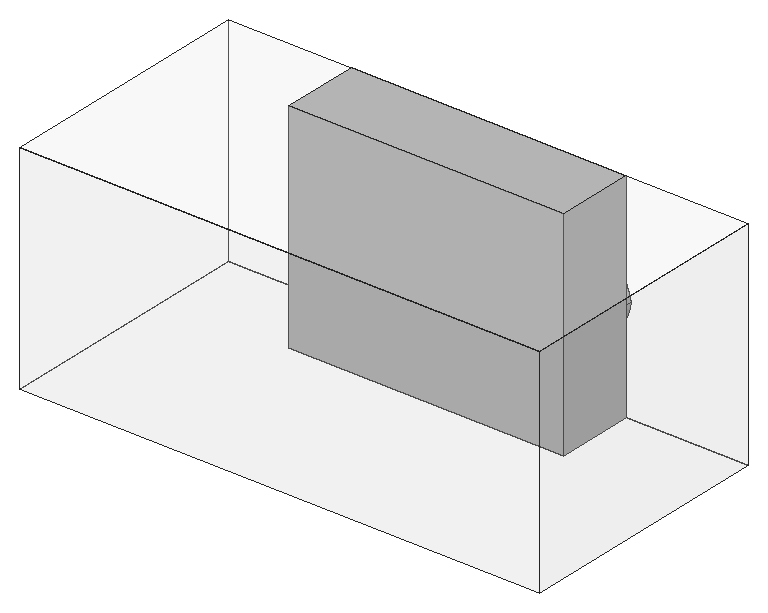
Revit family "scf-40_50lx_ls2_50Hz", category 機械設備, Revit 2019
Family settings
  丸型コネクタ寸法 = 直径を使用
  パーツ タイプ = 標準
  OmniClass 番号 = 23.75.10.34.21
  OmniClass タイトル = Heat Exchangers for Ventilation Air
  作業面ベース = いいえ
  常に垂直 = はい
  ロード時にボイドで切り取り = いいえ
  共有 = いいえ
  部屋計算ポイント = はい
Parameters (values of type "SCF-40LS2")
  騒音レベル(dB(A)) = 39.5
  風量 = 400.0 m³/h
  面風速 = 3.54 m/s
  電源種別 [instance] = "一般"
  電圧 = 100 V
  電動機出力 = 0 W
  集中コントローラ = ""
  運転質量 = 0.00 kg
  連動 [instance] = ""
  質量 = if(製品質量 > 運転質量, 製品質量, 運転質量) * 1.2  # 32.40 kg
  負荷分類 = 3_ファン類
  説明 = "学校用ロスナイ 床置形 スタンダードタイプ"
  設計風量 = 0.0 m³/h
  設置方法 = "床置形"
  記号 [instance] = ""
  製造元 = "三菱電機株式会社"
  製品質量 = 27.00 kg
  製品出荷対象 = "国内"
  製品リリース年月 = "2007/7/1"
  製品グループ = ""
  系統 [instance] = ""
  符号 = "HEU"
  積算_科目 = "1 空気調和設備"
  積算_拾い区分 [instance] = ""
  相 = 1
  盤記号 [instance] = ""
  発停方法 [instance] = "別売リモコン"
  特殊仕様 [instance] = ""
  火災停止 [instance] = ""
  温度交換効率 = 60.00%
  消費電力 = 129 W
  法定耐用年数 = "15"
  機外静圧_排気 = 40.0 Pa
  機外静圧 = 40.0 Pa
  極数 = 2
  材質 [instance] = ""
  本体マテリアル = none
  操作・制御方式 = ""
  操作・制御スイッチ = ""
  排気量 = 0.0 m³/h
  形式 = "床置形"
  幹線記号 [instance] = ""
  対象室 [instance] = ""
  実風量 = 0.0 m³/h
  始動方式 [instance] = "直入"
  外気量 = 0.0 m³/h
  呼称 = "全熱交換ユニット"
  周波数 = 50 Hz
  取付金具ピッチ1 = 845 mm
  取付金具_高さ = 580 mm
  参照している仕様書等のバージョン = ""
  初期抵抗 = 0.0 Pa
  分類コード = "50052504100050"
  分類グループ = ""
  価格 = 272000
  企業コード = "108420"
  付属品_フィルター_還気 = ""
  付属品_フィルター = ""
  付属品 [instance] = ""
  仕様書バージョン = "Version1.0"
  モデル = "SCF-40LS2"
  メンテナンススペース = yes
  コメント [instance] = ""
  Keynote = ""
  エンタルピ交換効率_暖房 = 45.00%
  エンタルピ交換効率_冷房 = 40.00%
  Assembly Code = ""
  Width = 900 mm
  Version = ""
  Uniclass2015Version = "Systems v1.9"
  Uniclass2015Title = "Thermal wheels"
  Uniclass2015Code = "Pr_60_60_36_88"
  URL = "https://www.mitsubishielectric.co.jp/ldg/wink/ssl/displayProduct.do?pid=161516"
  SpecificationReference = ""
  SpecificationDescription = ""
  Duct_W = 300 mm
  SAサイズ_D = 0 mm
  Revision = ""
  RAサイズ_D = 0 mm
  ProductInformation = ""
  OmniClassCode = "23-27 23 19 11"
  OAサイズ_W = 0 mm
  OAサイズ_D = 192 mm
  MIN風量 = 200.0 m³/h
  MIN静圧 = 10.0 Pa
  MAX風量 = 400.0 m³/h
  MAX静圧 = 40.0 Pa
  IfcTypeProduct = ""
  IfcProduct = ""
  IfcExportType = "ROTARYWHEEL"
  IfcExportAs = "IfcAirToAirHeatRecoveryType"
  Height = 710 mm
  EAサイズ_W = 0 mm
  EAサイズ_D = 192 mm
  Duct_Pitch = 600 mm
  Duct_Height = 280 mm
  Duct_Depth = 85 mm
  Depth = 255 mm
  Clearance Top = 0 mm
  Clearance Left = 400 mm
  Clearance Right = 400 mm
  Clearance Front = 600 mm
  Clearance Bottom = 0 mm
  Author = "三菱電機株式会社"
Types (4, lengths in mm): name | 騒音レベル(dB(A)) | 風量 | 面風速 | 質量 | 説明 | 製品質量 | 製品リリース年月 | 温度交換効率 | 消費電力 | 機外静圧_排気 | 機外静圧 | 取付金具_高さ | 価格 | モデル | エンタルピ交換効率_暖房 | エンタルピ交換効率_冷房 | URL | Duct_W | MIN風量 | MIN静圧 | MAX風量 | MAX静圧 | Height | Depth
  SCF-40LX | 39.5 | 400.0 m³/h | 3.54 m/s | 33.60 kg | "学校用ロスナイ 床置形 フリープランタイプ" | 28.00 kg | "2019/3/1" | 60.00% | 129 W | 40.0 Pa | 40.0 Pa | 580 | 335000 | "SCF-40LX" | 45.00% | 40.00% | "https://www.mitsubishielectric.co.jp/ldg/wink/ssl/displayProduct.do?pid=297464" | 300 | 200.0 m³/h | 10.0 Pa | 400.0 m³/h | 40.0 Pa | 710 | 255
  SCF-50LX | 43 | 500.0 m³/h | 4.42 m/s | 44.40 kg | "学校用ロスナイ 床置形 フリープランタイプ" | 37.00 kg | "2019/3/1" | 61.00% | 185 W | 60.0 Pa | 60.0 Pa | 485 | 401000 | "SCF-50LX" | 48.00% | 43.00% | "https://www.mitsubishielectric.co.jp/ldg/wink/ssl/displayProduct.do?pid=297467" | 275 | 300.0 m³/h | 22.0 Pa | 500.0 m³/h | 60.0 Pa | 860 | 295
  SCF-40LS2 | 39.5 | 400.0 m³/h | 3.54 m/s | 32.40 kg | "学校用ロスナイ 床置形 スタンダードタイプ" | 27.00 kg | "2007/7/1" | 60.00% | 129 W | 40.0 Pa | 40.0 Pa | 580 | 272000 | "SCF-40LS2" | 45.00% | 40.00% | "https://www.mitsubishielectric.co.jp/ldg/wink/ssl/displayProduct.do?pid=161516" | 300 | 200.0 m³/h | 10.0 Pa | 400.0 m³/h | 40.0 Pa | 710 | 255
  SCF-50LS2 | 43 | 500.0 m³/h | 4.42 m/s | 42.00 kg | "学校用ロスナイ 床置形 スタンダードタイプ" | 35.00 kg | "2007/7/1" | 61.00% | 185 W | 60.0 Pa | 60.0 Pa | 485 | 338000 | "SCF-50LS2" | 48.00% | 43.00% | "https://www.mitsubishielectric.co.jp/ldg/wink/ssl/displayProduct.do?pid=161517" | 275 | 300.0 m³/h | 22.0 Pa | 500.0 m³/h | 60.0 Pa | 860 | 295
Reference planes
  plane 1 "中心(正面/背面)": y = 0
  plane 2: z = 0
  plane 3 "中心(左/右)": x = 0
  plane 4: x = -450
  plane 5: x = 450
  plane 6: y = -255
  plane 7: z = 710
  plane 8: z = 280
  plane 9: x = -300
  plane 10: x = 300
  plane 11: x = -850
  plane 12: x = -422.5
  plane 13: x = 422.5
  plane 14: y = 85
  plane 15: x = 850
  plane 16: z = 710
  plane 17: y = -127.5
  plane 18: z = 580
  plane 19: x = 422.5
  plane 20: x = -422.5
  plane 21: x = -422.5
  plane 22: x = 422.5
  plane 23: y = -855
  plane 24: z = 0
Forms (mm)
  Extrusion 1, solid, material <- "本体マテリアル", detail levels fine
    sketch origin (0, 0, 0) x (1, 0, 0) y (0, 1, 0)
      loop
        line (-450, 0) -> (-450, -255) -> (450, -255) -> (450, 0) -> (-450, 0)
    from 0 to 710
  Extrusion 2, solid, material <- "本体マテリアル", detail levels fine
    sketch origin (510, -445, 0) x (-1, 0, 0) y (0, 0, -1)
      loop
        circle (210, -280) r 96
    from -445 to -530
  Extrusion 3, solid, material <- "本体マテリアル", detail levels fine
    sketch origin (-510, -445, 0) x (1, 0, 0) y (0, 0, 1)
      loop
        circle (210, 280) r 96
    from -445 to -530
Lines and regions (mm)
  Masking region 1, detail levels coarse+medium
    outline origin (1326.5, 29, 0) x (1, 0, 0) y (0, 1, 0)
      loop
        line (-1776.5, -29) -> (-1776.5, -284) -> (-876.5, -284) -> (-876.5, -29) -> (-1776.5, -29)
  symbolic lines, detail levels coarse+medium
    curve 1: line (0, 0, 0) -> (-450, -127.5, 0)
    curve 2: line (-450, -127.5, 0) -> (0, -255, 0)
    curve 3: line (0, -255, 0) -> (450, -127.5, 0)
    curve 4: line (450, -127.5, 0) -> (0, 0, 0)
Dimensions and locks
  equal spacing: plane 4, plane 3 "中心(左/右)", plane 5
  "Width": plane 4 to plane 5
  "Duct_Pitch": plane 10 to plane 9
  "Clearance Left": plane 11 to plane 4
  "Clearance Right": plane 5 to plane 15
  "Duct_W": plane 10 to plane 3 "中心(左/右)"
  "Duct_Height": plane 8 to level
  "Height": plane 7 to level
  "Depth": plane 1 "中心(正面/背面)" to plane 6
  equal spacing: plane 1 "中心(正面/背面)", plane 17, plane 6
  "Duct_Depth": plane 1 "中心(正面/背面)" to plane 14
  "取付金具_高さ": level to plane 18
  equal spacing: plane 20, plane 3 "中心(左/右)", plane 19
  equal spacing: plane 21, plane 3 "中心(左/右)", plane 22
  "取付金具ピッチ1": plane 21 to plane 22
  "Clearance Front": plane 6 to plane 23
  "Clearance Top": plane 16 to plane 7
  "Clearance Bottom": level to plane 24
  "OAサイズ_D": diameter of Extrusion 2 sketch curve
  "EAサイズ_D": diameter of Extrusion 3 sketch curve
  aligned and locked: level to plane 2
  aligned and locked: Extrusion 1 to plane 7
  aligned and locked: Masking region 1 to plane 4
  aligned and locked: plane 5 to Masking region 1
  aligned and locked: Masking region 1 to plane 6
  aligned and locked: Extrusion 3 to plane 14
  aligned and locked: Extrusion 2 to Extrusion 3
  aligned and locked: Masking region 1 to plane 1 "中心(正面/背面)"
  aligned and locked: Extrusion 1 to plane 1 "中心(正面/背面)"
  aligned and locked: plane 1 "中心(正面/背面)" to Extrusion 2
  aligned and locked: plane 1 "中心(正面/背面)" to Extrusion 3
  aligned and locked: plane 15 to nested 1
  aligned and locked: plane 11 to nested 1
  aligned and locked: plane 1 "中心(正面/背面)" to nested 1
  aligned and locked: plane 9 to nested 2
  aligned and locked: plane 13 to nested 2
  aligned and locked: plane 1 "中心(正面/背面)" to nested 2
  aligned and locked: nested 2 to plane 1 "中心(正面/背面)"
  aligned and locked: nested 1 to plane 23
  aligned and locked: plane 16 to nested 1
  aligned and locked: nested 1 to plane 24
Automatic sketch dimensions
  Extrusion 1 sketch curve to plane 4 = 0 mm
  Extrusion 1 sketch curve to plane 5 = 0 mm
  Extrusion 1 sketch curve to plane 6 = 0 mm
  Extrusion 2 sketch curve to plane 8 = 0 mm
  Extrusion 2 sketch curve to plane 10 = 0 mm
  Masking region 1 sketch curve to plane 4 = 0 mm
  Masking region 1 sketch curve to plane 5 = 0 mm
  Masking region 1 sketch curve to plane 6 = 0 mm
  Extrusion 3 sketch curve to plane 8 = 0 mm
  Extrusion 3 sketch curve to plane 9 = 0 mm
  curve 1 to plane 4 = 0 mm
  curve 2 to plane 3 "中心(左/右)" = 0 mm
  plane 1 "中心(正面/背面)" to curve 4 = 0 mm
  curve 4 to plane 3 "中心(左/右)" = 0 mm
  curve 4 to plane 5 = 0 mm
  curve 2 to plane 6 = 0 mm
  curve 2 to plane 17 = 0 mm
  curve 3 to plane 17 = 0 mm
  plane 1 "中心(正面/背面)" to Extrusion 1 sketch curve = 0 mm
  plane 1 "中心(正面/背面)" to Masking region 1 sketch curve = 0 mm
Nested families
  nested 1: "メンテナンススペース" at (0, -427.5, 355), visible <- "メンテナンススペース", type "メンテナンススペース"
    with Width 1700 mm, Height 710 mm, Depth 855 mm
  nested 2: "固定点" at (-300, 0, 0), type "固定点"
    with W 722.5 mm, D 0 mm
Connectors
  hvac at (300, 85, 280), driven by "OAサイズ_D", driven by "機外静圧", driven by "風量"
    settings: on Extrusion 2, index 2, duct flow 400.0 m³/h, flow factor 0, pres drop 40.0 Pa, loss coef 0, conn angle 0.00°, conn width 304.8 mm, conn height 304.8 mm, conn diameter 192 mm, duct sys type 4, conn prof type 0, flow config 0, flow direction 1, loss method 4, conn ref index -1, conn util no, is conn primary yes, conn desc ""
  hvac at (-300, 85, 280), driven by "EAサイズ_D", driven by "風量", driven by "機外静圧"
    settings: on Extrusion 3, index 10, duct flow 400.0 m³/h, flow factor 0, pres drop 40.0 Pa, loss coef 0, conn angle 0.00°, conn width 304.8 mm, conn height 304.8 mm, conn diameter 192 mm, duct sys type 3, conn prof type 0, flow config 0, flow direction 2, loss method 4, conn ref index -1, conn util no, is conn primary no, conn desc ""
  electrical at (0, 0, 355), driven by "極数", driven by "負荷分類", driven by "電圧", driven by "消費電力"
    settings: on Extrusion 1, index 13, voltage 100 V, apparent load 129 VA, apparent load phase1 0 VA, apparent load phase2 0 VA, apparent load phase3 0 VA, power factor 1, load classification "3_ファン類", number of poles 2, system type 30, power factor state 1, is connector primary yes, connector utility no, sub classification motor no, connector description ""
Definition of nested family "メンテナンススペース"
  Parameters (values of type "メンテナンススペース")
    Width [instance] = 500 mm
    Height [instance] = 500 mm
    Depth [instance] = 500 mm
  Reference planes
    plane 1 "中心(正面/背面)": y = 0
    plane 2: z = 0
    plane 3 "中心(左/右)": x = 0
    plane 4: y = -250
    plane 5: x = 250
    plane 6: y = 250
    plane 7: x = -250
    plane 8: z = 250
    plane 9: z = -250
  Forms (mm)
    Extrusion 1, solid
      sketch origin (-638.939, 0, 72.39) x (1, 0, 0) y (0, 1, 0)
        loop
          line (388.939, 250) -> (388.939, -250) -> (888.939, -250) -> (888.939, 250) -> (388.939, 250)
      from -322.39 to 177.61
  Lines and regions (mm)
    symbolic lines
      curve 1: line (-250, 0, 250) -> (250, 0, 250)
      curve 2: line (-250, 0, -250) -> (-250, 0, 250)
      curve 3: line (250, 0, -250) -> (-250, 0, -250)
      curve 4: line (250, 0, 250) -> (250, 0, -250)
      curve 5: line (0, -250, 250) -> (0, 250, 250)
      curve 6: line (0, -250, -250) -> (0, -250, 250)
      curve 7: line (0, 250, -250) -> (0, -250, -250)
      curve 8: line (0, 250, 250) -> (0, 250, -250)
      curve 9: line (-250, 250, 0) -> (250, 250, 0)
      curve 10: line (-250, -250, 0) -> (-250, 250, 0)
      curve 11: line (250, -250, 0) -> (-250, -250, 0)
      curve 12: line (250, 250, 0) -> (250, -250, 0)
  Dimensions and locks
    equal spacing: plane 7, plane 3 "中心(左/右)", plane 5
    equal spacing: plane 4, plane 1 "中心(正面/背面)", plane 6
    "Depth": plane 4 to plane 6
    "Width": plane 7 to plane 5
    equal spacing: plane 8, plane 2, plane 9
    "Height": plane 8 to plane 9
    aligned and locked: plane 9 to curve 3
    aligned and locked: plane 7 to curve 2
    aligned and locked: curve 4 to plane 5
    aligned and locked: plane 5 to Extrusion 1
    aligned and locked: Extrusion 1 to plane 7
    aligned and locked: Extrusion 1 to plane 9
    aligned and locked: plane 8 to Extrusion 1
    aligned and locked: plane 9 to curve 7
  Automatic sketch dimensions
    plane 4 to Extrusion 1 sketch curve = 0 mm
    Extrusion 1 sketch curve to plane 7 = 0 mm
    Extrusion 1 sketch curve to plane 5 = 0 mm
    plane 6 to Extrusion 1 sketch curve = 0 mm
    curve 2 to plane 8 = 0 mm
    plane 4 to curve 11 = 0 mm
    curve 11 to plane 7 = 0 mm
    curve 11 to plane 5 = 0 mm
    plane 6 to curve 10 = 0 mm
    curve 7 to plane 4 = 0 mm
    curve 7 to plane 6 = 0 mm
    curve 6 to plane 8 = 0 mm
Definition of nested family "固定点"
  Parameters (values of type "固定点")
    中心円 = 20 mm
    W [instance] = 1000 mm
    D [instance] = 1000 mm
  Reference planes
    plane 1 "中心(正面/背面)": y = 0
    plane 2: z = 0
    plane 3 "中心(左/右)": x = 0
    plane 4: x = 1000
    plane 5: y = 1000
  Lines and regions (mm)
    symbolic lines, detail levels fine
      curve 1: circle (0, 1000, 0) r 10 normal (0, 0, 1)
      curve 2: circle (0, 0, 0) r 10 normal (0, 0, 1)
      curve 3: circle (1000, 1000, 0) r 10 normal (0, 0, 1)
      curve 4: circle (1000, 0, 0) r 10 normal (0, 0, 1)
      curve 5: line (-200, 1000, 0) -> (1200, 1000, 0)
      curve 6: line (-200, 0, 0) -> (1200, 0, 0)
      curve 7: line (0, 1200, 0) -> (0, -200, 0)
      curve 8: line (1000, 1200, 0) -> (1000, -200, 0)
  Dimensions and locks
    "W": plane 3 "中心(左/右)" to plane 4
    "D": plane 1 "中心(正面/背面)" to plane 5
    "中心円": diameter of curve 1
    "中心円": diameter of curve 2
    "中心円": diameter of curve 3
    "中心円": diameter of curve 4
    aligned and locked: level to plane 2
    aligned and locked: plane 5 to curve 1
    aligned and locked: plane 3 "中心(左/右)" to curve 1
    aligned and locked: plane 3 "中心(左/右)" to curve 2
    aligned and locked: plane 1 "中心(正面/背面)" to curve 2
    aligned and locked: plane 4 to curve 3
    aligned and locked: plane 5 to curve 3
    aligned and locked: plane 1 "中心(正面/背面)" to curve 4
    aligned and locked: plane 4 to curve 4
    aligned and locked: plane 1 "中心(正面/背面)" to curve 6
    aligned and locked: curve 7 to plane 3 "中心(左/右)"
    aligned and locked: curve 8 to plane 4
  Automatic sketch dimensions
    curve 5 to plane 5 = 0 mm
    curve 6 to plane 3 "中心(左/右)" = 200 mm
    curve 5 to plane 3 "中心(左/右)" = 200 mm
    curve 4 to curve 6 = 200 mm
    curve 3 to curve 5 = 200 mm
    plane 1 "中心(正面/背面)" to curve 8 = 200 mm
    plane 1 "中心(正面/背面)" to curve 7 = 200 mm
    curve 3 to curve 8 = 200 mm
    curve 1 to curve 7 = 200 mm
